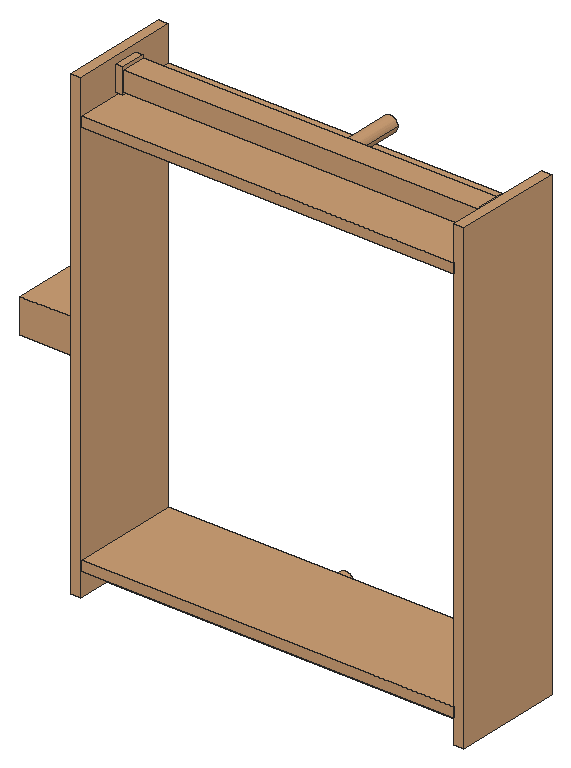
Revit family
Parameters
  Center Of Unit = 0' - 0"  # constant formula
  Water Pressure Drop [instance] = 0.00 psi
  Water Flow [instance] = 0 GPM
  Unit Weight (lbs) = 892
  URL = "http://www.ljwing.com/"
  Water Outlet Radius = 0' - 1 1/2"
  Water Outlet Odd sizes = 0' - 5 23/64"
  Total Heating Capacity [instance] = 0.0 Btu/h
  Temperature Rise [instance] = 0 °F
  Series = "VIFB"
  Outlet Area = 40.60 SF
  Number of Rows = 1  # constant formula
  Number of Coils [instance] = 0
  Nominal Length = 6' - 7 1/16"
  Model = "VE-7"
  Manufacturer = "LJ Wing"
  Leaving Water Temperature [instance] = 0 °F
  Leaving Air Temperature [instance] = 0 °F
  Face Velocity (FPM) [instance] = 0
  Entering Water Temperature [instance] = 0 °F
  Entering Air Temperature [instance] = 0 °F
  Description = "Vertical Integral Face & Bypass Water Heating Coils"
  Hot Water Odd Sizes = 0' - 5 23/64"
  Hot Water Inlet Offset = 0' - 4 3/8"  # constant formula
  Hot Water Inlet  Radius = 0' - 1 1/2"
  Coil Face Area = Outlet Area * 0.56  # 22.736 SF
  Casing Material = ""
  Assembly Code = "D3020300"
  Air Pressure Drop [instance] = 0.00 in-wg
  Air Inlet Width = Nominal Length - 0' 4"  # 6' - 3 1/16"
  Air Inlet Height = Y  # 6' - 6"
  Air Flow [instance] = 0 CFM
  Z = 0' - 2 1/8"
  Y = 6' - 6"
  S = 0' - 6 13/16"
  Product URL = "http://www.ljwing.com/html/vifb.asp"
  OmniClass = "23-75 70 21 14"
  Nominal Height = 7' - 9 11/16"
  Nominal Depth = 1' - 10"
  R = 0' - 8 7/8"
  Q = 0' - 3 17/32"
  P = 0' - 3 3/4"
  L = 0' - 3"
Reference planes (in)
  plane 1 "Center (Front/Back)": y = 0
  plane 2: z = -39
  plane 3 "Center (Left/Right)": x = 0
  plane 4: z = 47.875
  plane 5: x = -39.53125
  plane 6: x = 39.53125
  plane 7: z = -45.8125
  plane 8: z = 0
  plane 9: y = -11
  plane 10: y = 11
  plane 11: z = 39
  plane 12: z = 41
  plane 13: z = -41
  plane 14: x = 37.53125
  plane 15: x = -37.53125
  plane 16: z = 44.125
  plane 17: z = -42.8125
  plane 18: x = -36
  plane 19: x = 36
  plane 20: y = 13.125
  plane 21: y = 15.375
  plane 22: x = -50.53125
  plane 23: x = 5.35938
  plane 24: x = -5.35937
  plane 25: z = 46.125
  plane 26: z = 42.125
  plane 27: y = -2.5
  plane 28: y = 2.5
  plane 29: y = -4.5
Forms (in)
  Extrusion 1, solid, material "Painted Finish"
    sketch origin (0, 6, -9.75) x (1, 0, 0) y (0, 0, 1)
      loop
        line (-39.53125, -36.0625) -> (-37.53125, -36.0625) -> (-37.53125, 57.625) -> (-39.53125, 57.625) -> (-39.53125, -36.0625)
      loop
        line (39.53125, -36.0625) -> (39.53125, 57.625) -> (37.53125, 57.625) -> (37.53125, -36.0625) -> (39.53125, -36.0625)
    from -5 to 17
  Extrusion 2, solid, material "Painted Finish"
    sketch origin (0, 6, 0) x (1, 0, 0) y (0, 0, 1)
      loop
        line (37.53125, -39) -> (-37.53125, -39) -> (-37.53125, -41) -> (37.53125, -41) -> (37.53125, -39)
      loop
        line (37.53125, 39) -> (37.53125, 41) -> (-37.53125, 41) -> (-37.53125, 39) -> (37.53125, 39)
    from -5 to 17
  Extrusion 3, solid, material "Painted Finish"
    sketch origin (0, 10, -0.5) x (1, 0, 0) y (0, 0, 1)
      loop
        line (-39.53125, 4) -> (-50.53125, 4) -> (-50.53125, -3) -> (-39.53125, -3) -> (-39.53125, 4)
    from 0 to 20
  Extrusion 4, solid, material "Painted Finish"
    sketch origin (0, 6, 0) x (1, 0, 0) y (0, 0, 1)
      loop
        line (-35.90625, 46.125) -> (-35.90625, 42.125) -> (35.90625, 42.125) -> (35.90625, 46.125) -> (-35.90625, 46.125)
    from 3.5 to 8.5
  Extrusion 5, solid, material "Painted Finish"
    sketch origin (0, 0, 0) x (1, 0, 0) y (0, 0, 1)
      loop
        line (-35.90625, 41.625) -> (-35.90625, 46.625) -> (-37.53125, 46.625) -> (-37.53125, 41.625) -> (-35.90625, 41.625)
      loop
        line (37.53125, 41.625) -> (37.53125, 46.625) -> (35.90625, 46.625) -> (35.90625, 41.625) -> (37.53125, 41.625)
    from -2.5 to 2.5
  Extrusion 6, solid, material "Painted Finish"
    sketch origin (0, 23, 0) x (1, 0, 0) y (0, 0, 1)
      loop
        circle (5.35938, 44.125) r 1.5
    from 9.875 to 20.5
  Extrusion 7, solid, material "Painted Finish"
    sketch origin (0, 6, 0) x (1, 0, 0) y (0, 0, 1)
      loop
        line (-37.53125, -41) -> (-37.53125, -45.8125) -> (37.53125, -45.8125) -> (37.53125, -41) -> (-37.53125, -41)
    from -5 to 10.5
  Extrusion 8, solid, material "Painted Finish"
    sketch origin (0, 23, 0) x (1, 0, 0) y (0, 0, 1)
      loop
        circle (-5.35937, -42.8125) r 1.5
    from 7.625 to 12
  Extrusion 9, void
    sketch origin (0, 0, 0) x (1, 0, 0) y (0, 0, 1)
      loop
        line (-37.53125, 39) -> (-37.53125, -39) -> (37.53125, -39) -> (37.53125, 39) -> (-37.53125, 39)
    from -11 to 11
Cuts and joins
  Extrusion 9 cuts Extrusion 1
  Extrusion 9 cuts Extrusion 2
Dimensions and locks (in)
  "Nominal Length": plane 6 to plane 5
  equal spacing: plane 6, plane 3 "Center (Left/Right)", plane 5
  "S": plane 2 to plane 7
  "Nominal Depth": plane 10 to plane 9
  equal spacing: plane 10, plane 1 "Center (Front/Back)", plane 9
  "Y": plane 11 to plane 2
  "R": plane 4 to plane 11
  locked: plane 12 to plane 11 at 2
  locked: plane 2 to plane 13 at 2
  "P": plane 4 to plane 16
  "L": plane 17 to plane 7
  "Q": plane 18 to plane 5
  "Q": plane 6 to plane 19
  "Z": plane 20 to plane 10
  "Hot Water Inlet Offset": plane 21 to plane 10
  locked: plane 5 to plane 22 at 11
  locked: Extrusion 3 sketch curve to Extrusion 3 sketch curve at 7
  locked: Extrusion 3 to Extrusion 3 at 20
  locked: plane 6 to plane 14 at 2
  locked: plane 15 to plane 5 at 2
  "Water Outlet Odd sizes": plane 23 to plane 3 "Center (Left/Right)"
  "Hot Water Odd Sizes": plane 3 "Center (Left/Right)" to plane 24
  equal spacing: plane 25, plane 16, plane 26
  locked: Extrusion 5 sketch curve to plane 25 at 0.5
  locked: plane 26 to Extrusion 5 sketch curve at 0.5
  locked: Extrusion 6 sketch curve to plane 16 at 0
  locked: Extrusion 6 sketch curve to plane 23 at 0
  locked: Extrusion 8 sketch curve to plane 17 at 0
  locked: Extrusion 8 sketch curve to plane 24 at 0
  locked: plane 25 to plane 26 at 4
  locked: plane 28 to plane 27 at 5
  equal spacing: plane 28, plane 1 "Center (Front/Back)", plane 27
  locked: plane 27 to plane 29 at 2
  plane 4 to plane 7 = 7' - 9 11/16"
  locked: Extrusion 5 sketch curve to Extrusion 1 at 1.625
  locked: Extrusion 5 sketch curve to Extrusion 5 sketch curve at 1.625
  locked: Extrusion 9 sketch curve to plane 11 at 0
  locked: Extrusion 9 sketch curve to plane 15 at 0
  locked: Extrusion 9 sketch curve to plane 14 at 0
  locked: Extrusion 9 sketch curve to plane 2 at 0
  equal spacing: plane 11, plane 8, plane 2
  "Water Outlet Radius": radius of Extrusion 6 sketch curve
  "Hot Water Inlet  Radius": radius of Extrusion 8 sketch curve
  aligned and locked: Extrusion 1 to plane 9
  aligned and locked: Extrusion 1 to plane 10
  aligned and locked: Extrusion 1 to plane 15
  aligned and locked: Extrusion 1 to plane 14
  aligned and locked: Extrusion 2 to plane 9
  aligned and locked: plane 9 to Extrusion 1
  aligned and locked: plane 10 to Extrusion 1  (x2)
  aligned and locked: Extrusion 2 to plane 10
  aligned and locked: plane 10 to Extrusion 2  (x2)
  aligned and locked: plane 9 to Extrusion 2  (x2)
  aligned and locked: plane 5 to Extrusion 3
  aligned and locked: Extrusion 5 sketch curve to plane 15
  aligned and locked: Extrusion 5 sketch curve to Extrusion 4
  aligned and locked: Extrusion 6 to plane 20
  aligned and locked: Extrusion 1 to Extrusion 7
  aligned and locked: Extrusion 8 to plane 10
  aligned and locked: plane 21 to Extrusion 8
  aligned and locked: plane 27 to Extrusion 5
  aligned and locked: Extrusion 5 to Extrusion 4  (x2)
  aligned and locked: Extrusion 5 to plane 28
  aligned and locked: Extrusion 6 to Extrusion 4
  aligned and locked: Extrusion 7 to plane 29  (x2)
  aligned and locked: Extrusion 8 to Extrusion 7
  aligned and locked: Extrusion 4 to Extrusion 5  (x2)
  aligned and locked: Extrusion 5 to Extrusion 1  (x2)
  aligned and locked: plane 2 to Extrusion 2
  aligned and locked: Extrusion 1 sketch curve to plane 6
  aligned and locked: Extrusion 1 sketch curve to plane 14
  aligned and locked: Extrusion 1 sketch curve to plane 15
  aligned and locked: Extrusion 1 sketch curve to plane 5
  aligned and locked: plane 7 to Extrusion 1 sketch curve  (x2)
  aligned and locked: Extrusion 1 sketch curve to plane 4  (x2)
  aligned and locked: Extrusion 2 sketch curve to plane 11
  aligned and locked: Extrusion 2 sketch curve to plane 12
  aligned and locked: Extrusion 2 sketch curve to plane 14
  aligned and locked: Extrusion 2 sketch curve to plane 15
  aligned and locked: Extrusion 2 sketch curve to plane 13
  aligned and locked: plane 2 to Extrusion 2 sketch curve
  aligned and locked: plane 14 to Extrusion 2 sketch curve
  aligned and locked: plane 15 to Extrusion 2 sketch curve
  aligned and locked: plane 13 to Extrusion 7 sketch curve
  aligned and locked: Extrusion 7 sketch curve to plane 7
  aligned and locked: plane 14 to Extrusion 7 sketch curve
  aligned and locked: Extrusion 7 sketch curve to plane 15
  aligned and locked: cut or joined group of Extrusion 1, Extrusion 9 to plane 10
  aligned and locked: Extrusion 8 to plane 21
Automatic sketch dimensions
  Extrusion 3 sketch curve to plane 22 = 0' - 0"
  Extrusion 3 sketch curve to plane 5 = 0' - 0"
  plane 8 to Extrusion 3 sketch curve = 0' - 3 1/2"
  Extrusion 4 sketch curve to plane 25 = 0' - 0"
  Extrusion 4 sketch curve to plane 26 = 0' - 0"
  plane 18 to Extrusion 4 sketch curve = 0' - 0 3/32"
  Extrusion 4 sketch curve to plane 19 = 0' - 0 3/32"
  plane 26 to Extrusion 5 sketch curve = 0' - 0 1/2"
  Extrusion 5 sketch curve to plane 25 = 0' - 0 1/2"
Connectors (in)
  hvac at (0, -11, 0), driven by "Air Inlet Height", driven by "Air Inlet Width", driven by "Air Flow", driven by "Air Pressure Drop"
    settings: on Extrusion 9, index 1
  hvac at (0, 11, 0), driven by "Air Pressure Drop", driven by "Air Inlet Height", driven by "Air Inlet Width", driven by "Air Flow"
    settings: on Extrusion 9, index 2
  piping at (5.35938, 13.125, 44.125), driven by "Water Flow", driven by "Water Outlet Radius", driven by "Water Pressure Drop"
    settings: on Extrusion 6, index 3
  piping at (-5.35937, 15.375, -42.8125), driven by "Water Flow", driven by "Water Pressure Drop", driven by "Hot Water Inlet  Radius"
    settings: on Extrusion 8, index 4
